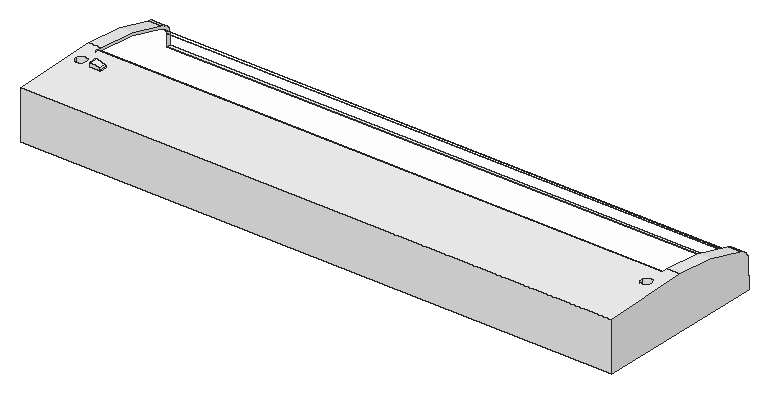
Revit family "COL_CUC", category Lighting Fixtures, host Face, Revit 2021
Family settings
  Host = Face
  Round Connector Dimension = Use Diameter
  Part Type = Normal
  OmniClass Number = 23.80.70.11.14.17
  OmniClass Title = Direct/Indirect
  Cut with Voids When Loaded = No
  Light Source = Yes
  Shared = Yes
  Room Calculation Point = No
Parameters (values of type "CUC1")
  Width = 3.32813"
  Watts = 7.5 W
  Wattage Comments = "Variable Intensity technology provides specifiable lumen output/wattage"  # constant formula
  Wattage = 12.1 W
  Warranty = "5 years Warranty"  # constant formula
  built-in parameter 1150110 = 1 (stored number, unit not read)
  Voltage = 120 V
  URL = "https://www.currentlighting.com/columbia"
  built-in parameter 1114217 = 1 (stored number, unit not read)
  Tilt Angle = -90.00°
  built-in parameter 1150109 = 1 (stored number, unit not read)
  built-in parameter 1150134 = (empty or 0)
  built-in parameter 1150113 = 1 (stored number, unit not read)
  Reflector Finish = White Glass
  Product Page URL = ""
  Product Doucmentation Link = ""
  Power Factor = 1
  Photometric Web File = "CUC1-ED120.ies"
  Photometric Note = "For more ies file please find the above Photometric Web Link"
  Model = "CUC1"
  Manufacturer = "Columbia Lighting"  # constant formula
  built-in parameter 1150105 = 87.623 (stored number, unit not read)
  Lumens = 1101.1 lm
  built-in parameter 1150115 = 1 (stored number, unit not read)
  Load Classification = Lighting
  built-in parameter 1150137 = (empty or 0)
  built-in parameter 1150139 = (empty or 0)
  Length = 11.500"
  built-in parameter 1150112 = 1 (stored number, unit not read)
  built-in parameter 1150114 = 1 (stored number, unit not read)
  Lamp = "LED"  # constant formula
  built-in parameter 1150132 = (empty or 0)
  built-in parameter 1150102 = (empty or 0)
  built-in parameter 1150107 = 3500 (stored number, unit not read)
  built-in parameter 1150138 = (empty or 0)
  built-in parameter 1150106 = 0.87623 (stored number, unit not read)
  Housing Material = Paint -  Matte White
  Features = "1', 2', 3', or 4' nominal lengths\r\n•\t Integral rocker switch\r\n•\t Direct wire or optional cord and plug\r\n•\t Ambient -25°C to 25°C\r\n•\t ENERGY STAR® Listed\r\n•\t Meets California Title 24 JA8-2016\r\n•\t Row connector included for end-to-end connections\r\n•\t Optional 13inch or 24inch connector cable\r"  # constant formula
  Emit from Rectangle Width = 1.500"  # constant formula
  Emit from Rectangle Length = Length - 1.000"  # 10.500"
  Emit Shape Visible in Rendering = no
  built-in parameter 1150104 = 8.4542 (stored number, unit not read)
  Dimming Protocol = "Dimmable to 10% with many Forward Phase (Triac) or\r\nElectronic Low Voltage (ELV) dimmers."  # constant formula
  Dimming Lamp Color Temperature Shift = <None>
  Dimming Controls = "Lutron NTELV-300\r\nLutron DELV-300P\r\nLutron DVCL-253P\r\nLutron Caseta\r\nLeviton 6681\r\nLeviton 6674\r\nLutron AYCL-153P\r\nLutron TGCL-153PH\r\nLutron AYLV-600P\r\nLutron NTLV-600\r\nLutron MAELV-600\r\nLutron N-600"  # constant formula
  Description = "CUC Undercabinet"  # constant formula
  Default Elevation = 48.000"
  Copyright = "© Columbia Lighting"  # constant formula
  Contact = ""
  Connector Description = "Lighting Connector"  # constant formula
  Color Filter = 16777215
  Certifications = "All luminaires are built to UL 1598 standards, and bear\r\nappropriate ETL damp location labels."  # constant formula
  built-in parameter 1114218 = 1 (stored number, unit not read)
  built-in parameter 1150133 = 10 (stored number, unit not read)
  Assembly Code = "D5020200"
  Application = "Task Lighting, Governemt,Institutional , Commercial"  # constant formula
  Apparent Load = Watts / Power Factor  # 7.5 VA
Types (5): name | Watts | Photometric Web File | Model | Length | Emit from Rectangle Length | Apparent Load
  (no name) | 7.5 W | "CUC1-ED120.ies" | "CUC1" | 11.500" | 10.500" | 7.5 VA
  CUC1 | 7.5 W | "CUC1-ED120.ies" | "CUC1" | 11.500" | 10.500" | 7.5 VA
  CUC2 | 14 W | "CUC2-ED120.ies" | "CUC2" | 23.500" | 22.500" | 14 VA
  CUC3 | 20 W | "CUC3-ED120.ies" | "CUC3" | 35.500" | 34.500" | 20 VA
  CUC4 | 25 W | "CUC4-ED120.ies" | "CUC4" | 47.500" | 46.500" | 25 VA
Reference planes (in)
  plane 1 "Center (Front/Back)": y = 0
  plane 2: z = 0
  plane 3 "Center (Left/Right)": x = 0
  plane 4: x = -5.75
  plane 5: x = 5.75
  plane 6: y = -1.66406
  plane 7: y = 1.66406
  plane 8: x = 5.5
  plane 9: x = -5.5
  plane 10: z = 1
Forms (in)
  Extrusion 1, solid, material "Paint -  Matte White" <- "Housing Material"
    sketch origin (0, -0.01563, 0) x (0, -1, 0) y (0, 0, 1)
      loop
        line (1.66406, 0) -> (1.66406, 0.94189)
        arc (1.66406, 0.94189) -> (0.8326, 0.98725) -> (0, 1) r 21.24967
        arc (0, 1) -> (-0.74789, 0.93191) -> (-1.47289, 0.73608) r 4.3458
        arc (-1.47289, 0.73608) -> (-1.61028, 0.65189) -> (-1.66406, 0.5) r 0.24135
        line (-1.66406, 0.5) -> (-1.66406, 0) -> (1.66406, 0)
    from -5.75 to 5.75
  Extrusion 2, void
    sketch origin (0, -0.01563, 0) x (0, -1, 0) y (0, 0, 1)
      loop
        arc (0.08329, 1.01728) -> (-0.69638, 0.95479) -> (-1.45223, 0.75354) r 4.3458
        line (-1.45223, 0.75354) -> (-1.61671, 0.70733)
        arc (-1.61671, 0.70733) -> (-1.66371, 0.67656) -> (-1.67969, 0.6227) r 0.08159
        line (-1.67969, 0.6227) -> (-1.67969, 0.4375) -> (-1.67969, 0.31721) -> (-1.59527, 0.31721) -> (-1.59527, 0.54258)
        arc (-1.59527, 0.54258) -> (-1.54114, 0.62721) -> (-1.45651, 0.68134) r 0.23392
        arc (-1.45651, 0.68134) -> (-0.73054, 0.87879) -> (0.01866, 0.94755) r 4.32865
        arc (0.01866, 0.94755) -> (0.11148, 0.94774) -> (0.2043, 0.94752) r 21.23125
        line (0.2043, 0.94752) -> (0.08329, 1.01728)
    from -5.5 to 5.5
  Extrusion 3, solid, material "Paint -  Matte White" <- "Housing Material"
    sketch origin (0, -0.01563, 0) x (-1, 0, 0) y (0, 0, 1)
      loop
        line (5.28775, 0.96223) -> (5.28775, 1.04321)
        arc (5.28775, 1.04321) -> (5.27918, 1.06041) -> (5.26028, 1.06391) r 0.02154
        line (5.26028, 1.06391) -> (5.10193, 1.01851)
        arc (5.10193, 1.01851) -> (5.08827, 1.00911) -> (5.08301, 0.99339) r 0.02613
        line (5.08301, 0.99339) -> (5.08301, 0.96223) -> (5.28775, 0.96223)
    from -0.55065 to -0.41918
  Extrusion 4, void
    sketch origin (0.03125, 0, 0) x (1, 0, 0) y (0, 1, 0)
      loop
        circle (5.46875, -0.51205) r 0.1
    from 0.90031 to 1.00893
  Extrusion 5, void
    sketch origin (0.03125, 0, 0) x (1, 0, 0) y (0, 1, 0)
      loop
        circle (5.46875, -0.51205) r 0.05
    from 0.77937 to 0.90031
  Extrusion 6, void
    sketch origin (-0.03125, 0, 0) x (-1, 0, 0) y (0, -1, 0)
      loop
        circle (5.46875, 0.51205) r 0.1
    from 0.90031 to 1.00893
  Extrusion 7, void
    sketch origin (-0.03125, 0, 0) x (-1, 0, 0) y (0, -1, 0)
      loop
        circle (5.46875, 0.51205) r 0.05
    from 0.77937 to 0.90031
Cuts and joins
  Extrusion 2, Extrusion 4, Extrusion 5, Extrusion 6, Extrusion 7 cuts Extrusion 1
Dimensions and locks (in)
  "Length": plane 4 to plane 5
  "Width": plane 6 to plane 7
  plane 7 to plane 6 = 3.32813"
  locked: plane 8 to plane 5 at 0.25
  locked: plane 4 to plane 9 at 0.25
  equal spacing: plane 4, plane 3 "Center (Left/Right)", plane 5
  equal spacing: plane 6, plane 1 "Center (Front/Back)", plane 7
  aligned and locked: plane 2 to host face
  aligned and locked: level to host face
  aligned and locked: Extrusion 1 to plane 5
  aligned and locked: plane 4 to Extrusion 1
  aligned and locked: Extrusion 2 to plane 8
  aligned and locked: plane 9 to Extrusion 2
  aligned and locked: plane 8 to Extrusion 4 sketch curve
  aligned and locked: plane 8 to Extrusion 5 sketch curve
  aligned and locked: plane 9 to Extrusion 6 sketch curve
  aligned and locked: plane 9 to Extrusion 7 sketch curve
  aligned and locked: plane 3 "Center (Left/Right)" to imposter light
  aligned and locked: imposter light to plane 1 "Center (Front/Back)"
  aligned and locked: plane 10 to imposter light
Automatic sketch dimensions
  host sketch curve to host sketch curve = 96.000"  (x2)
  Extrusion 1 sketch curve to level = 0.000"
  Extrusion 1 sketch curve to plane 10 = 0.000"  (x2)
  plane 7 to Extrusion 1 sketch curve = 0.01562"
  Extrusion 1 sketch curve to Extrusion 1 sketch curve = 0.24135"
  plane 1 "Center (Front/Back)" to Extrusion 1 sketch curve = 0.03424"
  plane 1 "Center (Front/Back)" to Extrusion 1 sketch curve = 0.10662"
  plane 6 to Extrusion 1 sketch curve = 0.01562"
  Extrusion 1 sketch curve to level = 3.34576"
  Extrusion 1 sketch curve to Extrusion 1 sketch curve = 16.90371"
  Extrusion 1 sketch curve to Extrusion 1 sketch curve = 0.500"
  Extrusion 2 sketch curve to plane 7 = 0.000"
  plane 7 to Extrusion 2 sketch curve = 0.06298"
  plane 7 to Extrusion 2 sketch curve = 0.08143"
  plane 7 to Extrusion 2 sketch curve = 0.08442"
  Extrusion 2 sketch curve to Extrusion 2 sketch curve = 0.16448"
  Extrusion 2 sketch curve to Extrusion 2 sketch curve = 0.21953"
  plane 1 "Center (Front/Back)" to Extrusion 2 sketch curve = 0.05383"
  Extrusion 2 sketch curve to Extrusion 2 sketch curve = 0.00107"
  plane 10 to Extrusion 2 sketch curve = 0.01728"
  plane 1 "Center (Front/Back)" to Extrusion 2 sketch curve = 0.09892"
  plane 1 "Center (Front/Back)" to Extrusion 2 sketch curve = 0.12363"
  Extrusion 2 sketch curve to plane 10 = 0.05248"
  Extrusion 2 sketch curve to Extrusion 2 sketch curve = 0.12101"
  level to Extrusion 2 sketch curve = 0.75354"
  Extrusion 2 sketch curve to Extrusion 2 sketch curve = 0.04622"
  Extrusion 2 sketch curve to Extrusion 2 sketch curve = 0.07948"
  Extrusion 2 sketch curve to Extrusion 2 sketch curve = 0.08527"
  Extrusion 2 sketch curve to Extrusion 2 sketch curve = 0.08078"
  Extrusion 2 sketch curve to Extrusion 2 sketch curve = 0.10508"
  Extrusion 2 sketch curve to Extrusion 2 sketch curve = 0.12029"
  Extrusion 2 sketch curve to Extrusion 2 sketch curve = 0.05275"
  Extrusion 2 sketch curve to Extrusion 2 sketch curve = 16.90246"
  Extrusion 2 sketch curve to Extrusion 2 sketch curve = 0.000"
  Extrusion 3 sketch curve to plane 10 = 0.00661"
  plane 9 to Extrusion 3 sketch curve = 0.41699"
  plane 10 to Extrusion 3 sketch curve = 0.01851"
  Extrusion 3 sketch curve to Extrusion 3 sketch curve = 0.01893"
  plane 10 to Extrusion 3 sketch curve = 0.06391"
  Extrusion 3 sketch curve to Extrusion 3 sketch curve = 0.15834"
  Extrusion 3 sketch curve to Extrusion 3 sketch curve = 0.00594"
  Extrusion 3 sketch curve to Extrusion 3 sketch curve = 0.02154"
  Extrusion 3 sketch curve to plane 10 = 0.03777"
  plane 1 "Center (Front/Back)" to Extrusion 4 sketch curve = 0.51205"
  Extrusion 5 sketch curve to Extrusion 5 sketch curve = 0.000"
  plane 1 "Center (Front/Back)" to Extrusion 5 sketch curve = 0.51205"
  Extrusion 5 sketch curve to Extrusion 5 sketch curve = 0.050"
  Extrusion 6 sketch curve to plane 1 "Center (Front/Back)" = 0.51205"
  Extrusion 7 sketch curve to plane 1 "Center (Front/Back)" = 0.51205"
  Extrusion 7 sketch curve to plane 9 = 0.050"
  radius of Extrusion 4 sketch curve = 0.100"
  radius of Extrusion 6 sketch curve = 0.100"
Connectors (in)
  electrical at (0, -0.01563, 0), driven by "Connector Description"
    settings: on cut or joined group of Extrusion 1, Extrusion 2, Extrusion 4, Extrusion 5, Extrusion 6, Extrusion 7, index 1, voltage 0 V, apparent load 0 VA, apparent load phase1 0 VA, apparent load phase2 0 VA, apparent load phase3 0 VA, power factor 1, load classification "Other", number of poles 1, system type 30, power factor state 1, is connector primary yes, connector utility no, sub classification motor no, connector description "Lighting Connector"
